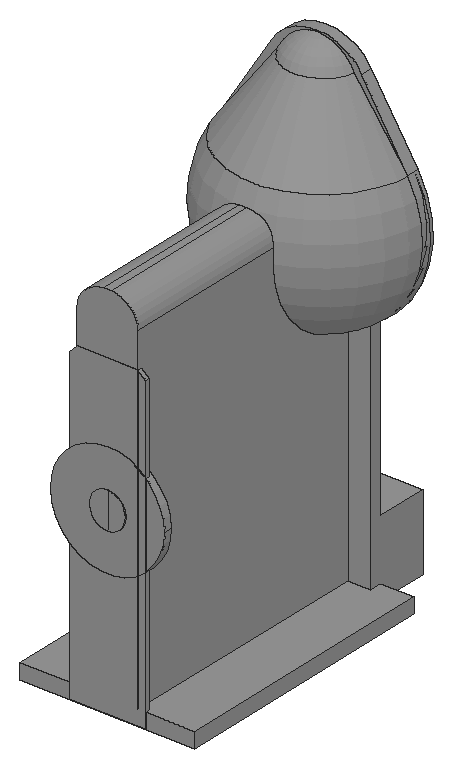
Revit family "Toilet-Willoughby-ETF-1490-FM-12-FA-BS-HC", category Plumbing Fixtures, Revit 2015
Parameters (values of type "Standard")
  Waste DIA = 2 3/8"
  Waste Connection = yes
  W-RAD [instance] = Waste DIA / 2  # 0' - 1 3/16"
  Vent Connection = no
  URL = "https://www.willoughby-ind.com/wp-content/uploads/2018/01/ETF-1490-FM-FA.pdf"
  Type Comments = ""
  Revision = "A"
  Model = "ETF-1490-FM-FA-12-BS-HC"
  Manufacturer = "Willoughby Industries"
  HW Connection = no
  Flush inlet DIA = 1 1/2"
  Fixture Body = Stainless Steel AISI 304-Willoughby
  F-RAD [instance] = Flush inlet DIA / 2  # 0' - 0 3/4"
  Description = "Floor Outlet, Floor Mounted Toilet, Front Access, With 12\" Rough In, Back Spud, Handicap Seat Height"
  Default Elevation = 0' - 0"
  Contact Number = "(800) 428-4065"
  CW Connection = yes
Reference planes (in)
  plane 1 "Base": y = -16.25
  plane 2: z = 0
  plane 3 "Center": x = 18.31072
  plane 4 "Waste height": y = -4.75
  plane 5: y = -1.25
  plane 6: z = -6.75
  plane 7: y = -2.125
  plane 8: y = -14.0625
  plane 9: y = 0
  plane 10: x = 16.56072
  plane 11: x = 20.06072
  plane 12: x = 11.56072
  plane 13: x = 25.06072
  plane 14: z = 23
  plane 15: z = 30.75
  plane 16: x = 15.81072
  plane 17: x = 20.81072
  plane 18: x = 16.31072
  plane 19: x = 20.31072
  plane 20: z = 12
  plane 21: x = 12.56072
  plane 22: x = 24.06072
  plane 23: y = 2.75
  plane 24: z = 32.75
  plane 25: z = 25
Forms (in)
  Extrusion 1, solid, material "Stainless Steel AISI 304-Willoughby" <- "Fixture Body"
    sketch origin (16.08109, 7.47968, -0.20225) x (-1, 0, 0) y (0, 0, -1)
      loop
        line (1.29775, -16.80087) -> (1.29775, -1.20225) -> (-5.72963, -1.20225) -> (-5.72963, -16.81676)
        arc (-5.72963, -16.81676) -> (-8.98136, -21.11843) -> (-8.21015, -26.45542) r 7
        line (-8.21015, -26.45542) -> (-5.16818, -31.31054)
        arc (-5.16818, -31.31054) -> (-2.20225, -32.95225) -> (0.76368, -31.31054) r 3.5
        line (0.76368, -31.31054) -> (3.80565, -26.45542)
        arc (3.80565, -26.45542) -> (4.5729, -21.10311) -> (1.29775, -16.80087) r 7
      loop
        arc (2.03989, -24.70557) -> (-2.20225, -18.23804) -> (-6.44438, -24.70557) r 4.625
        line (-6.44438, -24.70557) -> (-4.04125, -30.23842)
        arc (-4.04125, -30.23842) -> (-2.20225, -31.45225) -> (-0.36324, -30.23842) r 2
        line (-0.36324, -30.23842) -> (2.03989, -24.70557)
    from 8.72968 to 9.5
  Revolve 2, solid, material "Stainless Steel AISI 304-Willoughby" <- "Fixture Body"
    sketch origin (19.37246, -1.52032, 3.00169) x (-1, 0, 0) y (0, 0, -1)
      loop
        line (1.06174, -12.59906) -> (1.06174, -12.84906)
        arc (1.06174, -12.84906) -> (7.03046, -17.88333) -> (5.08904, -25.44643) r 7.34171
        line (5.08904, -25.44643) -> (3.31535, -27.91457)
        arc (3.31535, -27.91457) -> (2.42192, -29.02159) -> (1.06174, -29.43826) r 2.42844
        line (1.06174, -29.43826) -> (1.06174, -29.68826)
        arc (1.06174, -29.68826) -> (2.54295, -29.2403) -> (3.52767, -28.04656) r 2.67283
        line (3.52767, -28.04656) -> (7.06964, -23.19143)
        arc (7.06964, -23.19143) -> (7.15052, -16.14555) -> (1.06174, -12.59906) r 7
      axis (1.06174, -12.59906) -> (1.06174, -29.68826)
    angle from 0 to -180
  Extrusion 3, solid, material "Stainless Steel AISI 304-Willoughby" <- "Fixture Body"
    sketch origin (19.53334, -3.02032, -2.9508) x (0, 1, 0) y (0, 0, 1)
      loop
        line (-4.42257, 3.9508) -> (1.02643, 3.9508) -> (1.02643, 18.97156)
        arc (1.02643, 18.97156) -> (-2.31062, 20.32275) -> (-4.42257, 23.23845) r 6.52287
        line (-4.42257, 23.23845) -> (-4.42257, 3.9508)
    from 0.77738 to -3.22262
  Extrusion 4, solid, material "Stainless Steel AISI 304-Willoughby" <- "Fixture Body"
    sketch origin (18.31072, 0, -1) x (0, 1, 0) y (0, 0, 1)
      loop
        line (-1.25, 1) -> (2.25, 1) -> (2.25, 6) -> (-1.25, 6) -> (-1.25, 1)
    from -3.52738 to 3.5
  Extrusion 5, solid, material "Stainless Steel AISI 304-Willoughby" <- "Fixture Body", detail levels fine
    sketch origin (0, 0, 0) x (1, 0, 0) y (0, 1, 0)
      loop
        circle (18.31072, 0) r 0.75
    from 0 to 1
  Extrusion 6, solid, material "Stainless Steel AISI 304-Willoughby" <- "Fixture Body"
    sketch origin (0, -16.25, 0) x (1, 0, 0) y (0, 0, 1)
      loop
        line (24.06072, 0) -> (24.06072, 1) -> (12.56072, 1) -> (12.56072, 0) -> (24.06072, 0)
    from -15 to 3
  Extrusion 7, solid, material "Stainless Steel AISI 304-Willoughby" <- "Fixture Body"
    sketch origin (0, -16.25, 2) x (1, 0, 0) y (0, 0, 1)
      loop
        line (20.31072, -1) -> (20.31072, 21.25)
        arc (20.31072, 21.25) -> (19.79816, 22.48744) -> (18.56072, 23) r 1.75
        line (18.56072, 23) -> (18.06072, 23)
        arc (18.06072, 23) -> (16.82328, 22.48744) -> (16.31072, 21.25) r 1.75
        line (16.31072, 21.25) -> (16.31072, -1) -> (20.31072, -1)
    from 3 to -8.80711
  Revolve 8, solid, material "Stainless Steel AISI 304-Willoughby" <- "Fixture Body"
    sketch origin (18.31072, -3, 0) x (0, 1, 0) y (0, 0, 1)
      loop
        line (-16.2502, 12) -> (-14.75, 12) -> (-14.75, 13.1875) -> (-16.2502, 13.1875) -> (-16.2502, 12)
      axis (-14.75, 12) -> (-16.2502, 12)
    angle from 0 to 360
  Extrusion 9, solid, material "Stainless Steel AISI 304-Willoughby" <- "Fixture Body"
    sketch origin (0, -16.25, 0) x (1, 0, 0) y (0, 0, 1)
      loop
        circle (18.31072, 12) r 3.75
    from 3 to 2.5
  Extrusion 10, solid, material "Stainless Steel AISI 304-Willoughby" <- "Fixture Body"
    sketch origin (0, -16.25, 0) x (1, 0, 0) y (0, 0, 1)
      loop
        line (20.31072, 0) -> (20.81072, 0) -> (20.81072, 20.50876) -> (20.31948, 21) -> (16.32652, 21) -> (15.81072, 20.4842) -> (15.81072, 0) -> (16.31072, 0) -> (20.31072, 0)
    from 3 to 2.75
Cuts and joins
  joined: Extrusion 1, Extrusion 3, Extrusion 4, Extrusion 6, Extrusion 7
Lines and regions (in)
  symbolic lines
    curve 1: line (24.06072, -16.25, 0) -> (12.56072, -16.25, 0)
    curve 2: line (11.28334, -2.02032, 0) -> (11.28334, -1.25, 0)
    curve 3: line (11.28334, -1.25, 0) -> (25.28334, -1.25, 0)
    curve 4: line (25.28334, -1.25, 0) -> (25.28334, -2.02032, 0)
    curve 5: arc (25.28334, -2.02032, 0) -> (23.08274, -6.65012, 0) -> (18.31072, -8.52239, 0) r 6.9694
    curve 6: arc (18.31072, -8.52239, 0) -> (13.52881, -6.64203, 0) -> (11.28334, -2.02032, 0) r 7.06935
    curve 7: line (24.06072, -5.51876, 0) -> (24.06072, -16.25, 0)
    curve 8: line (12.56072, -5.5387, 0) -> (12.56072, -16.25, 0)
    curve 9: line (14.78334, -1.25, 0) -> (14.78334, 2.25, 0)
    curve 10: line (14.78334, 2.25, 0) -> (21.81072, 2.25, 0)
    curve 11: line (21.81072, 2.25, 0) -> (21.81072, -1.25, 0)
    curve 12: line (14.56072, -16.25, 0) -> (14.56072, -15.75, 0)
    curve 13: line (14.56072, -15.75, 0) -> (16.31072, -15.75, 0)
    curve 14: line (20.31072, -15.75, 0) -> (22.06072, -15.75, 0)
    curve 15: line (22.06072, -15.75, 0) -> (22.06072, -16.25, 0)
    curve 16: line (14.78334, -16.25, 1) -> (12.56072, -16.25, 1)
    curve 17: line (12.56072, -16.25, 1) -> (12.56072, -16.25, 0)
    curve 18: line (12.56072, -16.25, 0) -> (24.06072, -16.25, 0)
    curve 19: line (24.06072, -16.25, 0) -> (24.06072, -16.25, 1)
    curve 20: line (24.06072, -16.25, 1) -> (21.81072, -16.25, 1)
    curve 21: line (21.81072, -16.25, 1) -> (21.81072, -16.25, 16.61451)
    curve 22: arc (21.81072, -16.25, 16.61451) -> (25.06245, -16.25, 20.91618) -> (24.29124, -16.25, 26.25317) r 7
    curve 23: line (24.29124, -16.25, 26.25317) -> (21.24927, -16.25, 31.1083)
    curve 24: arc (21.24927, -16.25, 31.1083) -> (18.28334, -16.25, 32.75) -> (15.31741, -16.25, 31.1083) r 3.5
    curve 25: line (15.31741, -16.25, 31.1083) -> (12.34391, -16.25, 26.26096)
    curve 26: arc (12.34391, -16.25, 26.26096) -> (11.52805, -16.25, 20.91587) -> (14.78334, -16.25, 16.59862) r 6.9627
    curve 27: line (14.78334, -16.25, 16.59862) -> (14.78334, -16.25, 1)
    curve 35: line (18.31072, -16.25, 0) -> (18.31072, 2.25, 0)
    curve 36: line (18.31072, 2.25, 0) -> (18.31072, 2.25, 5)
    curve 37: line (18.31072, 2.25, 5) -> (18.31072, -1.25, 5)
    curve 38: line (18.31072, -1.25, 5) -> (18.31072, -1.25, 32.75)
    curve 39: line (18.31072, -1.25, 32.75) -> (18.31072, -2.02032, 32.75)
    curve 40: arc (18.31072, -2.02032, 32.75) -> (18.31072, -3.19227, 32.11744) -> (18.31072, -3.98625, 31.04824) r 3.07117
    curve 41: line (18.31072, -3.98625, 31.04824) -> (18.31072, -7.52822, 26.19312)
    curve 42: arc (18.31072, -7.52822, 26.19312) -> (18.31072, -7.8365, 25.61059) -> (18.31072, -8.08458, 25) r 6.54031
    curve 43: line (18.31072, -8.08458, 25) -> (18.31072, -16.25, 25)
    curve 44: line (18.31072, -16.25, 25) -> (18.31072, -16.25, 0)
    curve 45: line (18.31072, -16.25, 1) -> (18.31072, -2.02032, 1)
    curve 46: line (18.31072, -2.02032, 1) -> (18.31072, -2.02032, 16.59862)
    curve 47: line (18.31072, -2.02032, 16.59862) -> (18.31072, -1.25, 16.59862)
    curve 48: arc (18.31072, -2.02032, 15.84862) -> (18.31072, -5.37911, 17.1802) -> (18.31072, -7.68344, 19.96311) r 7.27697
    curve 49: arc (18.31072, -7.68344, 19.96311) -> (18.31072, -8.15448, 21.44571) -> (18.31072, -8.21893, 23) r 5.86144
    curve 50: arc (18.31072, -8.21893, 23) -> (18.31072, -8.13946, 23.99917) -> (18.31072, -8.08458, 25) r 40.7785
  symbolic lines, detail levels fine
    curve 28: arc (14.78334, -16.25, 13.27282) -> (14.56072, -16.25, 12) -> (14.78334, -16.25, 10.72718) r 3.75
    curve 29: arc (21.81072, -16.25, 10.65371) -> (22.06072, -16.25, 12) -> (21.81072, -16.25, 13.34629) r 3.75
    curve 30: arc (14.0412, -16.25, 24.50332) -> (18.28334, -16.25, 18.0358) -> (22.52547, -16.25, 24.50332) r 4.625
    curve 31: line (22.52547, -16.25, 24.50332) -> (20.12234, -16.25, 30.03617)
    curve 32: arc (20.12234, -16.25, 30.03617) -> (18.28334, -16.25, 31.2424) -> (16.44433, -16.25, 30.03617) r 2.00498
    curve 33: line (16.44433, -16.25, 30.03617) -> (14.0412, -16.25, 24.50332)
  symbolic lines, detail levels medium+fine
    curve 34: line (21.81072, -16.25, 5) -> (14.78334, -16.25, 5)
Dimensions and locks (in)
  plane 1 "Base" to plane 5 = 1' - 3"
  plane 1 "Base" to plane 9 = 1' - 4 1/4"
  level to plane 15 = 2' - 6 3/4"
  plane 21 to plane 22 = 0' - 11 1/2"  (x2)
  plane 13 to plane 22 = 0' - 1"
  plane 18 to plane 19 = 0' - 4"
  plane 20 to plane 2 = 1' - 0"
  plane 9 to plane 1 "Base" = 1' - 4 1/4"
  "F-RAD": radius of Extrusion 5 sketch curve
  aligned and locked: plane 9 to Extrusion 5 sketch curve
  aligned and locked: plane 3 "Center" to Extrusion 5 sketch curve
  aligned and locked: Revolve 8 sketch curve to Revolve 8 sketch curve  (x2)
Automatic sketch dimensions
  Extrusion 1 sketch curve to Extrusion 1 sketch curve = 0' - 0"  (x8)
  level to Extrusion 1 sketch curve = 0' - 1"
  plane 3 "Center" to Extrusion 1 sketch curve = 0' - 5.98052"
  Extrusion 1 sketch curve to Extrusion 1 sketch curve = 0' - 1.76576"  (x2)
  plane 3 "Center" to Extrusion 1 sketch curve = 0' - 3 1/2"
  plane 3 "Center" to Extrusion 1 sketch curve = 0' - 2.93855"
  Extrusion 1 sketch curve to Extrusion 1 sketch curve = 0' - 1.12693"  (x2)
  Extrusion 1 sketch curve to plane 3 "Center" = 0' - 0.02738"  (x2)
  Extrusion 1 sketch curve to plane 3 "Center" = 0' - 1.86639"
  Extrusion 1 sketch curve to plane 3 "Center" = 0' - 3.52738"
  Extrusion 1 sketch curve to plane 3 "Center" = 0' - 4 69/256"
  Extrusion 1 sketch curve to Extrusion 1 sketch curve = 1' - 3.59862"
  Extrusion 1 sketch curve to Extrusion 1 sketch curve = 0' - 0.01589"
  Extrusion 1 sketch curve to Extrusion 1 sketch curve = 0' - 6.06218"
  Extrusion 1 sketch curve to Extrusion 1 sketch curve = 0' - 1.74985"
  Extrusion 1 sketch curve to Extrusion 1 sketch curve = 0' - 4.74668"
  Extrusion 1 sketch curve to Extrusion 1 sketch curve = 0' - 0.78617"
  Extrusion 1 sketch curve to Extrusion 1 sketch curve = 0' - 1.07212"
  Extrusion 4 sketch curve to level = 0' - 0"
  Extrusion 4 sketch curve to plane 5 = 0' - 0"
  Extrusion 4 sketch curve to plane 9 = 0' - 2 1/4"
  level to Extrusion 4 sketch curve = 0' - 5"
  Extrusion 6 sketch curve to level = 0' - 0"
  level to Extrusion 6 sketch curve = 0' - 1"
  plane 12 to Extrusion 6 sketch curve = 0' - 1"
  Extrusion 6 sketch curve to plane 13 = 0' - 1"
  level to Extrusion 3 sketch curve = 0' - 1"
  plane 4 "Waste height" to Extrusion 3 sketch curve = 0' - 2.69289"
  plane 7 to Extrusion 3 sketch curve = 0' - 0.13111"
  plane 5 to Extrusion 3 sketch curve = 0' - 0.05941"
  Extrusion 3 sketch curve to plane 14 = 0' - 0.49238"
  Extrusion 3 sketch curve to Extrusion 3 sketch curve = 0' - 6.48686"
  Revolve 8 sketch curve to plane 20 = 0' - 0"
  plane 1 "Base" to Revolve 8 sketch curve = 0' - 3.0002"
  plane 8 to Revolve 8 sketch curve = 0' - 3 11/16"
  plane 20 to Revolve 8 sketch curve = 0' - 1 3/16"
  Revolve 8 sketch curve to Revolve 8 sketch curve = 0' - 1.4998"
  Revolve 2 sketch curve to plane 3 "Center" = 0' - 0"  (x3)
  plane 3 "Center" to Revolve 2 sketch curve = 0' - 0"
  Revolve 2 sketch curve to plane 11 = 0' - 0.72567"
  plane 18 to Revolve 2 sketch curve = 0' - 0.25361"
  Revolve 2 sketch curve to Revolve 2 sketch curve = 0' - 0.21232"
  plane 12 to Revolve 2 sketch curve = 0' - 0.7421"
  plane 15 to Revolve 2 sketch curve = 0' - 1.93995"
  Revolve 2 sketch curve to Revolve 2 sketch curve = 0' - 0 1/4"  (x2)
  plane 15 to Revolve 2 sketch curve = 0' - 0.29824"
  Revolve 2 sketch curve to Revolve 2 sketch curve = 0' - 0.13199"
  plane 14 to Revolve 2 sketch curve = 0' - 3.19312"
  plane 14 to Revolve 2 sketch curve = 0' - 0.12065"
  Revolve 2 sketch curve to Revolve 2 sketch curve = 0' - 0.51991"
  plane 18 to Revolve 2 sketch curve = 0' - 2.0273"
  plane 14 to Revolve 2 sketch curve = 0' - 2.93995"
  Revolve 2 sketch curve to Revolve 2 sketch curve = 0' - 2.4108"
  Extrusion 9 sketch curve to plane 3 "Center" = 0' - 0"
  Extrusion 9 sketch curve to plane 20 = 0' - 0"
  plane 18 to Extrusion 7 sketch curve = 0' - 0"
  Extrusion 7 sketch curve to plane 25 = 0' - 0"
  plane 19 to Extrusion 7 sketch curve = 0' - 0"
  Extrusion 7 sketch curve to plane 3 "Center" = 0' - 0 1/4"
  plane 3 "Center" to Extrusion 7 sketch curve = 0' - 0 1/4"
  level to Extrusion 7 sketch curve = 0' - 1"
  Extrusion 10 sketch curve to level = 0' - 0"
  plane 18 to Extrusion 10 sketch curve = 0' - 0"
  Extrusion 10 sketch curve to plane 18 = 0' - 0.0158"
  Extrusion 10 sketch curve to plane 19 = 0' - 0.00876"
  plane 19 to Extrusion 10 sketch curve = 0' - 0"
  Extrusion 10 sketch curve to Extrusion 10 sketch curve = 0' - 0 1/2"
  Extrusion 10 sketch curve to plane 19 = 0' - 0 1/2"
  Extrusion 10 sketch curve to plane 14 = 0' - 2.49124"
  Extrusion 10 sketch curve to Extrusion 10 sketch curve = 0' - 0.49124"
  Extrusion 10 sketch curve to Extrusion 10 sketch curve = 0' - 0.5158"
  plane 5 to curve 3 = 0' - 0"
  curve 8 to plane 21 = 0' - 0"
  curve 13 to plane 18 = 0' - 0"
  curve 5 to plane 3 "Center" = 0' - 0"
  curve 6 to plane 3 "Center" = 0' - 0"
  curve 14 to plane 19 = 0' - 0"
  plane 1 "Base" to curve 15 = 0' - 0"
  curve 7 to plane 22 = 0' - 0"
  curve 2 to plane 12 = 0' - 0.27738"
  curve 13 to plane 1 "Base" = 0' - 0 1/2"
  plane 18 to curve 13 = 0' - 1 3/4"
  curve 10 to plane 23 = 0' - 0 1/2"
  plane 18 to curve 10 = 0' - 1.52738"
  plane 3 "Center" to curve 5 = 0' - 0.0189"
  plane 3 "Center" to curve 6 = 0' - 0.01918"
  curve 11 to plane 19 = 0' - 1 1/2"
  curve 11 to curve 4 = 0' - 3.47262"
  plane 7 to curve 2 = 0' - 0.10468"
  plane 7 to curve 4 = 0' - 0.10468"
  curve 15 to plane 19 = 0' - 1 3/4"
  curve 14 to plane 1 "Base" = 0' - 0 1/2"
  curve 22 to curve 30 = 0' - 0"  (x2)
  curve 28 to curve 29 = 0' - 0"  (x2)
  curve 17 to level = 0' - 0"
  plane 21 to curve 17 = 0' - 0"
  curve 29 to plane 3 "Center" = 0' - 0"
  plane 22 to curve 19 = 0' - 0"
  curve 29 to plane 20 = 0' - 0"
  plane 21 to curve 25 = 0' - 0.21681"
  plane 15 to curve 25 = 0' - 0.3583"
  plane 18 to curve 25 = 0' - 0.99331"
  curve 33 to plane 10 = 0' - 0.11639"
  curve 26 to plane 3 "Center" = 0' - 0.0318"
  curve 32 to plane 3 "Center" = 0' - 0.02738"
  curve 30 to plane 3 "Center" = 0' - 0.02738"
  curve 24 to curve 32 = 0' - 0"
  plane 11 to curve 31 = 0' - 0.06162"
  plane 15 to curve 23 = 0' - 0.3583"
  curve 21 to plane 19 = 0' - 1 1/2"
  curve 31 to plane 25 = 0' - 0.49668"
  plane 22 to curve 31 = 0' - 1.53525"
  curve 23 to plane 22 = 0' - 0.23052"
  level to curve 17 = 0' - 1"
  level to curve 19 = 0' - 1"
  plane 20 to curve 27 = 0' - 4.59862"
  plane 20 to curve 21 = 0' - 4.61451"
  curve 26 to plane 14 = 0' - 0.37975"
  curve 26 to curve 22 = 0' - 0.04055"
  curve 32 to plane 15 = 0' - 1.51258"
  curve 32 to curve 24 = 0' - 0.01258"
  curve 31 to plane 15 = 0' - 0.71383"
  curve 33 to plane 25 = 0' - 0.49668"
  curve 30 to curve 33 = 0' - 0"
  plane 18 to curve 34 = 0' - 1.52738"
  curve 20 to curve 34 = 0' - 4"
  curve 29 to plane 20 = 0' - 1.34629"
  curve 28 to plane 20 = 0' - 1.27282"
  curve 43 to plane 1 "Base" = 0' - 0"
  curve 50 to plane 14 = 0' - 0"
  curve 50 to plane 25 = 0' - 0"
  curve 39 to plane 24 = 0' - 0"
  curve 47 to plane 5 = 0' - 0"
  curve 36 to level = 0' - 0"
  plane 25 to curve 50 = 0' - 1.73221"
  plane 25 to curve 41 = 0' - 1.19312"
  curve 43 to curve 41 = 0' - 0.55636"
  plane 15 to curve 41 = 0' - 0.29824"
  curve 41 to plane 4 "Waste height" = 0' - 0.76375"
  curve 49 to plane 7 = 0' - 0.25709"
  plane 7 to curve 39 = 0' - 0.10468"
  plane 7 to curve 47 = 0' - 0.10468"
  curve 42 to plane 14 = 0' - 0.15346"
  curve 40 to plane 5 = 0' - 0.06775"
  plane 14 to curve 48 = 0' - 0.06739"
  curve 48 to plane 5 = 0' - 0.14819"
  curve 36 to plane 23 = 0' - 0 1/2"
  level to curve 45 = 0' - 1"
  curve 45 to curve 38 = 0' - 4"
  plane 20 to curve 47 = 0' - 4.59862"
  curve 49 to plane 14 = 0' - 0.53646"
  curve 49 to curve 42 = 0' - 0.13434"
  curve 50 to curve 49 = 0' - 0"
  curve 48 to curve 49 = 0' - 0"
  radius of Extrusion 9 sketch curve = 0' - 3 3/4"
Connectors (in)
  piping at (18.31072, 0, 1), diameter 1.5, driven by "F-RAD", driven by "CW Connection"
    settings: on Extrusion 5, index 2, connector inside diameter 1 1/2", connector length 0' - 0", flow factor 0, pipe flow 0 GPM, pressure drop 0.00 psi, fitting loss kfactor 0, connector angle 0.00°, fixture units 0, engagement length 0' - 0", angle of deflection 0.00°, flow configuration 0, flow direction 1, fitting loss method 0, system type 20, joint type 0, gender type 0, connector reference index -1, connector utility 1, adjustable connector no, is connector primary yes, connector description "Flush Inlet"
  piping at (18.31072, -19.2502, 12), diameter 2.375, driven by "W-RAD", driven by "Waste Connection"
    settings: on Revolve 8, index 4, connector inside diameter 24", connector length 0' - 0", flow factor 0, pipe flow 1.6 GPM, pressure drop 0.00 psi, fitting loss kfactor 0, connector angle 0.00°, fixture units 0, engagement length 0' - 0", angle of deflection 0.00°, flow configuration 0, flow direction 2, fitting loss method 0, system type 16, joint type 0, gender type 0, connector reference index -1, connector utility 1, adjustable connector no, is connector primary no, connector description "Toilet Waste"
